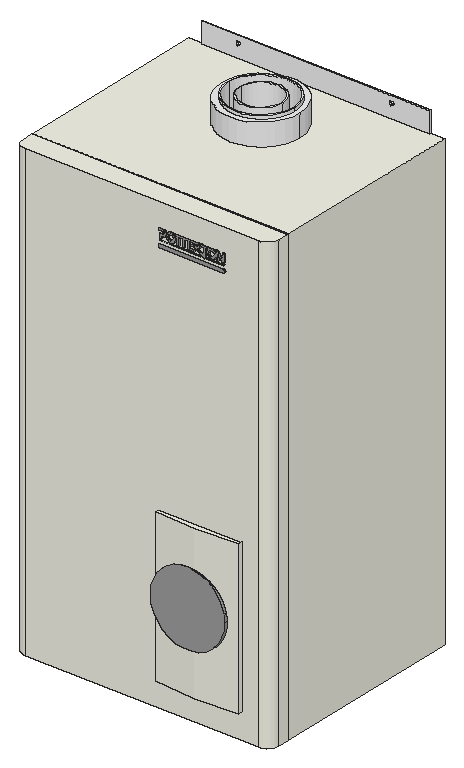
Revit family "Paramount Three 30 ", category Mechanical Equipment, Revit 2012
Parameters
  Weight (Full) (kg) = 56.6
  URL = "http://www.pottertoncommercial.co.uk/products_details.php?product=paramount_three"
  Seasonal Boiler Efficiency (%) = 95
  Power Consumption (W) = 55
  Model = "Paramount Three 30"
  Maximum Output @ 80/60°C (kW) = 29.2
  Manufacturer = "Potterton Commercial"
  Duct Connector Radius [instance] = if([80mm Flue], 40 mm, if([125mm Flue], 62.5 mm, 0 mm))  # 0 mm
  Description = "Wall Hung Condensing Boiler"
  80mm Flue [instance] = no
  125mm Flue [instance] = no
Reference planes
  plane 1 "Center (Front/Back)": y = 0
  plane 2: z = 0
  plane 3 "Center (Left/Right)": x = 0
  plane 4: y = 0
  plane 5: x = -240
  plane 6: x = -214
  plane 7: x = 240
  plane 8: x = 214
  plane 9: x = -144
  plane 10: z = 890
  plane 11: z = 877
  plane 12: x = 144
  plane 13: y = 0
  plane 14: y = -130
  plane 15: y = -130
  plane 16: y = -130
  plane 17: y = -438
  plane 18: x = 145.9
  plane 19: x = 173.4
  plane 20: y = -83.5
  plane 21: y = 0
  plane 22: y = -105
  plane 23: x = 240
  plane 24: x = 186
  plane 25: y = -407
  plane 26: y = -277
  plane 27: x = 240
  plane 28: x = -240
  plane 29: x = -77
  plane 30: y = -306
  plane 31: x = -91.5
  plane 32: x = 240
  plane 33: x = 185
  plane 34: y = -130
  plane 35: y = -407
  plane 36: y = -360
  plane 37: y = -21
  plane 38: y = -41
  plane 39: y = -170
Forms (mm)
  Extrusion 1, solid, material "Potterton Paramount Three - Body"
    sketch origin (0, 0, 0) x (-1, 0, 0) y (0, -1, 0)
      loop
        line (-240, 0) -> (240, 0) -> (240, 388)
        arc (240, 388) -> (233.849, 402.849) -> (219, 409) r 21
        line (219, 409) -> (-219, 409)
        arc (-219, 409) -> (-233.849, 402.849) -> (-240, 388) r 21
        line (-240, 388) -> (-240, 0)
    from 0 to 851
  Extrusion 2, solid, material "Potterton Paramount Three - Steel"
    sketch origin (0, 0, 0) x (-1, 0, 0) y (0, 0, 1)
      loop
        line (214, 851) -> (214, 890) -> (-214, 890) -> (-214, 851) -> (214, 851)
      loop
        circle (144, 877) r 4.5
      loop
        circle (-144, 877) r 4.5
    from 0 to -2.5
  Extrusion 3, solid, material "Potterton Paramount Three - Steel"
    sketch origin (0, 0, 0) x (-1, 0, 0) y (0, -1, 0)
      loop
        circle (0, 130) r 73.5
      loop
        circle (0, 130) r 62.5
    from 851 to 892
  Extrusion 4, solid, material "Potterton Paramount Three - Steel"
    sketch origin (0, 0, 0) x (-1, 0, 0) y (0, -1, 0)
      loop
        circle (0, 130) r 62.5
      loop
        circle (0, 130) r 60.5
    from 851 to 897
  Extrusion 5, solid, material "Potterton Paramount Three - Steel"
    sketch origin (0, 0, 0) x (-1, 0, 0) y (0, -1, 0)
      loop
        circle (0, 130) r 40
      loop
        circle (0, 130) r 38
    from 851 to 897
  Extrusion 6, solid, material "Potterton Paramount Three - Copper Piping"
    sketch origin (0, 0, 0) x (1, 0, 0) y (0, 1, 0)
      loop
        circle (-130, -50) r 16.625
      loop
        circle (0, -50) r 13.22
      loop
        circle (130, -50) r 16.625
      loop
        circle (-73.5, -100) r 16.5
      loop
        circle (60, -100) r 16.625
      loop
        circle (-192, -50) r 26.5
      loop
        circle (-177, -116) r 12
      loop
        circle (185, -130) r 16.625
    from 10 to 50
  Extrusion 7, solid, material "Potterton Paramount Three - Steel"
    sketch origin (0, 0, 0) x (1, 0, 0) y (0, 1, 0)
      loop
        circle (-85.5, -237) r 9.25
      loop
        circle (-55.5, -237) r 4.85
      loop
        circle (-25.5, -237) r 10.75
      loop
        circle (4.5, -237) r 10.5
      loop
        circle (34.5, -237) r 10.5
      loop
        circle (-100, -266) r 9.25
      loop
        circle (-70, -266) r 9.25
      loop
        circle (-40, -266) r 10.85
      loop
        circle (-10, -266) r 9.85
      loop
        circle (20, -266) r 14
      loop
        circle (50, -266) r 14
    from 30 to 50
  Extrusion 8, void
    sketch origin (0, 0, 0) x (1, 0, 0) y (0, 1, 0)
      loop
        line (-194, -362) -> (194, -362) -> (194, -349) -> (206, -328.215) -> (206, -146.163)
        arc (206, -146.163) -> (211.5, -130) -> (206, -113.837) r 26.5
        line (206, -113.837) -> (206, -42.785) -> (194, -21) -> (194, -9) -> (-194, -9) -> (-194, -21) -> (-206, -42.785) -> (-206, -115.837)
        arc (-206, -115.837) -> (-211.5, -132) -> (-206, -148.163) r 26.5
        line (-206, -148.163) -> (-206, -328.215) -> (-194, -349) -> (-194, -362)
    from 0 to 50
  Sweep 9, void
    path in 3D
      loop
        line (240, 0, 0) -> (240, 0, 851) -> (-240, 0, 851) -> (-240, 0, 0)
    profile origin (-240, 0, 425.5) x (-1, 0, 0) y (0, -1, 0)
      loop
        line (0, 368.5) -> (-1.5, 367) -> (0, 365.5) -> (0, 368.5)
  Extrusion 10, solid, material "Potterton Paramount Three - Copper Piping"
    sketch origin (0, 0, 10) x (0, 1, 0) y (1, 0, 0)
      loop
        circle (-50, -192) r 12.5
    from 0 to 5
  Extrusion 11, solid, material "Potterton Paramount Three - Body"
    sketch origin (6.896, 0, 297.5) x (0, 1, 0) y (1, 0, 0)
      loop
        line (-409, 179.704) -> (-416, 179.704)
        arc (-416, 179.704) -> (-421.032, 101.704) -> (-416, 23.704) r 607
        line (-416, 23.704) -> (-409, 23.704) -> (-409, 179.704)
    from -35 to 250
  Extrusion 12, solid, material "Potterton Paramount Three - Cover"
    sketch origin (-0.4, -415, 0) x (1, 0, 0) y (0, 0, 1)
      loop
        circle (96, 195) r 70
    from 0 to 6.6
  Extrusion 13, solid, material "Potterton Paramount Three - Logo"
    sketch origin (-275.872, -409, 698.63) x (1, 0, 0) y (0, 0, 1)
      loop
        arc (316.284, 105.758) -> (319.074, 102.967) -> (316.284, 100.177) r 2.79
        line (316.284, 100.177) -> (309.343, 100.177) -> (309.343, 92.064) -> (312.758, 92.064) -> (312.758, 96.721) -> (316.284, 96.721)
        arc (316.284, 96.721) -> (319.818, 97.833) -> (322.081, 100.766) r 6.176
        arc (322.081, 100.766) -> (333.414, 92.147) -> (337.595, 105.758) r 8.681
        line (337.595, 105.758) -> (342.208, 105.758) -> (342.208, 92.064) -> (345.744, 92.064) -> (345.744, 105.758) -> (352.462, 105.758) -> (352.462, 92.064) -> (355.968, 92.064) -> (355.968, 105.758) -> (362.45, 105.758) -> (362.45, 92.064) -> (374.405, 92.064) -> (374.405, 95.397) -> (365.957, 95.397) -> (365.957, 99.003) -> (372.866, 99.003)
        arc (372.866, 99.003) -> (374.502, 100.639) -> (372.866, 102.274) r 1.635
        line (372.866, 102.274) -> (365.957, 102.274) -> (365.957, 105.758) -> (381.502, 105.758)
        arc (381.502, 105.758) -> (383.244, 104.016) -> (381.502, 102.274) r 1.742
        line (381.502, 102.274) -> (376.945, 102.274)
        arc (376.945, 102.274) -> (375.381, 101.116) -> (376.032, 99.282) r 1.635
        line (376.032, 99.282) -> (392.981, 87.87)
        arc (392.981, 87.87) -> (394.629, 87.8) -> (395.474, 89.217) r 1.611
        line (395.474, 89.217) -> (395.474, 105.758) -> (400.487, 105.758)
        arc (400.487, 105.758) -> (403.579, 92.581) -> (415.781, 98.438) r 8.681
        line (415.781, 98.438) -> (415.781, 92.064) -> (419.317, 92.064) -> (419.317, 102.274) -> (427.82, 92.608)
        arc (427.82, 92.608) -> (429.852, 92.102) -> (431.043, 93.824) r 1.841
        line (431.043, 93.824) -> (431.043, 107.5)
        arc (431.043, 107.5) -> (429.246, 109.297) -> (427.449, 107.5) r 1.797
        line (427.449, 107.5) -> (427.449, 98.467) -> (418.665, 108.738)
        arc (418.665, 108.738) -> (416.852, 109.21) -> (415.781, 107.673) r 1.639
        line (415.781, 107.673) -> (415.781, 102.385)
        arc (415.781, 102.385) -> (412.945, 107.03) -> (407.903, 109.074) r 8.681
        line (407.903, 109.074) -> (388.41, 109.074)
        arc (388.41, 109.074) -> (386.752, 107.416) -> (388.41, 105.758) r 1.658
        line (388.41, 105.758) -> (391.885, 105.758) -> (391.885, 92.494) -> (381.502, 99.55)
        arc (381.502, 99.55) -> (386.264, 104.312) -> (381.502, 109.074) r 4.762
        line (381.502, 109.074) -> (338.151, 109.074)
        arc (338.151, 109.074) -> (336.788, 108.359) -> (336.6, 106.831) r 1.658
        arc (336.6, 106.831) -> (328.47, 108.787) -> (322.46, 102.972) r 8.681
        arc (322.46, 102.972) -> (320.625, 107.291) -> (316.284, 109.074) r 6.176
        line (316.284, 109.074) -> (309.175, 109.074)
        arc (309.175, 109.074) -> (307.516, 107.416) -> (309.175, 105.758) r 1.658
        line (309.175, 105.758) -> (316.284, 105.758)
      loop
        line (398.443, 89.682) -> (398.443, 88.776) -> (430.656, 88.776) -> (430.656, 89.682) -> (398.443, 89.682)
      loop
        line (309.343, 89.682) -> (309.343, 88.776) -> (387.318, 88.776) -> (387.318, 89.682) -> (309.343, 89.682)
      loop
        arc (310.458, 82.011) -> (307.385, 78.937) -> (310.458, 75.864) r 3.074
        line (310.458, 75.864) -> (428.858, 75.864)
        arc (428.858, 75.864) -> (431.932, 78.937) -> (428.858, 82.011) r 3.074
        line (428.858, 82.011) -> (310.458, 82.011)
      loop
        circle (330.755, 100.412) r 5.181
      loop
        circle (316.284, 102.967) r 1.75
      loop
        circle (407.327, 100.412) r 5.181
    from 0 to 1
Cuts and joins
  Extrusion 8, Sweep 9 cuts Extrusion 1
  Sweep 9 cuts Extrusion 6
  Extrusion 8 cuts Extrusion 11
  Sweep 9 cuts Extrusion 7
Lines and regions (mm)
  sketch lines
    curve 1: line (-240, 0, 851) -> (-240, 0, 0)
    curve 2: line (240, 0, 851) -> (-240, 0, 851)
    curve 3: line (240, 0, 851) -> (240, 0, 0)
Dimensions and locks
  aligned and locked: level to plane 2
Connectors
  piping at (0, -130, 892)
    settings: on Extrusion 3, index 1, connector radius 62.5 mm, flow factor 0, pipe flow 0.000 m³/h, pressure drop 0.0 Pa, fitting loss kfactor 0, connector angle 0.00°, fixture units 0, engagement length 0 mm, flow configuration 0, flow direction 0, fitting loss method 0, system type 29, joint type 0, gender type 0, connector reference index -1, connector utility 0, adjustable connector no, is connector primary yes, fitting loss table "", connector description ""
  piping at (185, -130, 10)
    settings: on cut or joined group of Extrusion 1, Extrusion 8, Sweep 9, index 2, connector radius 12.5 mm, flow factor 0, pipe flow 0.000 m³/h, pressure drop 0.0 Pa, fitting loss kfactor 0, connector angle 0.00°, fixture units 0, engagement length 0 mm, flow configuration 0, flow direction 0, fitting loss method 0, system type 29, joint type 0, gender type 0, connector reference index -1, connector utility 0, adjustable connector no, is connector primary no, fitting loss table "", connector description ""
  piping at (130, -50, 10)
    settings: on cut or joined group of Extrusion 1, Extrusion 8, Sweep 9, index 4, connector radius 12.5 mm, flow factor 0, pipe flow 0.000 m³/h, pressure drop 0.0 Pa, fitting loss kfactor 0, connector angle 0.00°, fixture units 0, engagement length 0 mm, flow configuration 0, flow direction 0, fitting loss method 0, system type 29, joint type 0, gender type 0, connector reference index -1, connector utility 0, adjustable connector no, is connector primary no, fitting loss table "", connector description ""
  piping at (0, -50, 10)
    settings: on cut or joined group of Extrusion 1, Extrusion 8, Sweep 9, index 5, connector radius 10 mm, flow factor 0, pipe flow 3.200 m³/h, pressure drop 0.0 Pa, fitting loss kfactor 0, connector angle 0.00°, fixture units 0, engagement length 0 mm, flow configuration 0, flow direction 0, fitting loss method 0, system type 29, joint type 0, gender type 0, connector reference index -1, connector utility 0, adjustable connector no, is connector primary no, fitting loss table "", connector description ""
  piping at (-130, -50, 10)
    settings: on cut or joined group of Extrusion 1, Extrusion 8, Sweep 9, index 7, connector radius 12.5 mm, flow factor 0, pipe flow 0.000 m³/h, pressure drop 0.0 Pa, fitting loss kfactor 0, connector angle 0.00°, fixture units 0, engagement length 0 mm, flow configuration 0, flow direction 0, fitting loss method 0, system type 29, joint type 0, gender type 0, connector reference index -1, connector utility 0, adjustable connector no, is connector primary no, fitting loss table "", connector description ""
  piping at (-192, -50, 5)
    settings: on Extrusion 10, index 9, connector radius 12.5 mm, flow factor 0, pipe flow 0.000 m³/h, pressure drop 0.0 Pa, fitting loss kfactor 0, connector angle 0.00°, fixture units 0, engagement length 0 mm, flow configuration 0, flow direction 0, fitting loss method 0, system type 29, joint type 0, gender type 0, connector reference index -1, connector utility 0, adjustable connector no, is connector primary no, fitting loss table "", connector description ""
